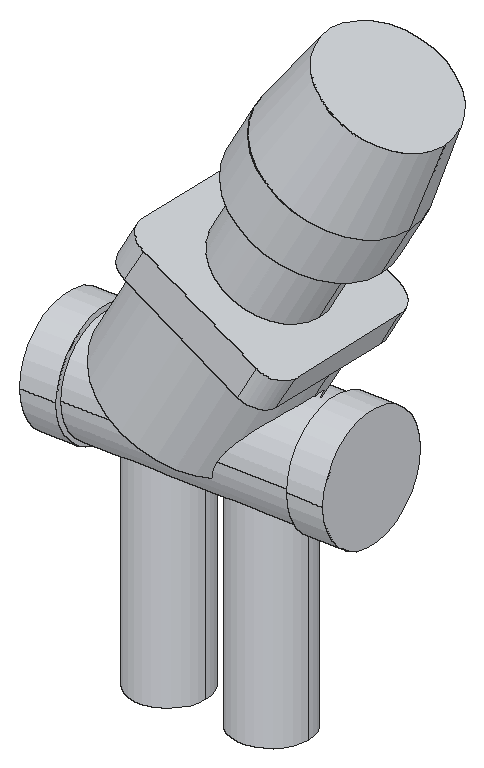
Revit family "OPTIMA_Compact_Plus_MM_DN15_2,5_RFA_2018", category Pipe Accessories, Revit 2018
Family settings
  Round Connector Dimension = Use Diameter
  Part Type = Valve - Breaks Into
  Work Plane-Based = No
  Always vertical = Yes
  Cut with Voids When Loaded = No
  Shared = No
Parameters (values of type "OPTIMA Compact Plus DN15 M-M 2.5mm")
  magiProductId = "744f5c1a8b784a0caf7e95e8856504"
  magiProductFamilyId = "3f7bf62c6d3e4202b9bf465282540d"
  magiPartTypeId = 304
  isMeasuringValve [instance] = no
  ang2D [instance] = 0.00°
  Z = 0 mm
  X = 7 mm
  W2D = 32 mm
  VersionID = "2.0/2018.8.28.1/FRESE_OPTIMA-COMPACT-MM_001"
  Use Minimum Symbol Size [instance] = yes
  URL = "www.hydronic.cz"
  Type Comments = "vnější závit; PN25; 0~120°C, s měřením"
  R9 = 8 mm
  R8 = 14 mm
  R7 = 17 mm
  R6 = 12 mm
  R5 = 5 mm
  R4 = 19 mm
  R3 = 19 mm
  R2 = 12 mm
  R1 = 13 mm
  QmdConnectorList = "301;D;302;D"
  Productdata [instance] = ""
  PLG0 = yes
  Manufacturer = "Hydronic Systems Prague s.r.o."
  MC Product Code = "53-1324  (3/4\" M-M; 2.5mm; Qmin-dpmin 100l/h-14.9kPa; Qmax-dpmin 575l/h-18.5kPa; dpmax 800kPa)"
  MC Piping Given Pressure Drop [instance] = 0.0 Pa
  LL = 32.5 mm
  L3 = 11 mm
  L2D_Min = 3048 mm
  L2D = 104 mm
  L2 = 49.4 mm
  L1__ve = -L1  # -7.8 mm
  L1 = 7.8 mm
  H6__ve = -H6  # -55 mm
  H6 = 55 mm
  H5 = 20 mm
  H4 = 12 mm
  H3 = 18 mm
  H2 = 8 mm
  H1 = 26 mm
  Description = "Tlakově nezávislý 2-cestný regulační vyvažovací ventil (PICV)"
  D = 15 mm
  A = 30.00°
Types (8, lengths in mm): name | magiProductId | Z | X | R4 | R3 | R2 | R1 | MC Product Code | LL | L3 | L2 | L1__ve | L1 | H6__ve | H6 | H5 | H3 | H2 | H1 | D
  OPTIMA Compact Plus DN32 M-M 5.5mm | "ffa5e363716249e69711c5a01860df" | 1 | 13 | 29 | 31.5 | 22 | 24 | "53-1333  (6/4\" M-M; 5.5mm; Qmin-dpmin 550l/h-17.9kPa; Qmax-dpmin 4001l/h-28.0kPa; dpmax 800kPa)" | 52 | 12.5 | 79.04 | -12.48 | 12.48 | -66 | 66 | 20 | 16 | 10 | 46 | 32
  OPTIMA Compact Plus DN15 M-M 2.5mm | "744f5c1a8b784a0caf7e95e8856504" | 0 | 7 | 19 | 19 | 12 | 13 | "53-1324  (3/4\" M-M; 2.5mm; Qmin-dpmin 100l/h-14.9kPa; Qmax-dpmin 575l/h-18.5kPa; dpmax 800kPa)" | 32.5 | 11 | 49.4 | -7.8 | 7.8 | -55 | 55 | 20 | 18 | 8 | 26 | 15
  OPTIMA Compact Plus DN15 M-M 5.0mm | "cc68fe6008154c3392e26a3dfeb2d1" | 0 | 7 | 19 | 19 | 12 | 13 | "53-1325  (3/4\" M-M; 5.0mm; Qmin-dpmin 220l/h-16.0kPa; Qmax-dpmin 1330l/h-21.6kPa; dpmax 800kPa)" | 32.5 | 11 | 49.4 | -7.8 | 7.8 | -55 | 55 | 20 | 18 | 8 | 26 | 15
  OPTIMA Compact Plus DN20 M-M 5.0mm | "af4b706c92c34122b2cf0a056ee45d" | 0 | 10 | 19 | 19 | 13.5 | 16.5 | "53-1328  (1\" M-M; 5.0mm; Qmin-dpmin 220l/h-16.0kPa; Qmax-dpmin 1330l/h-21.6kPa; dpmax 800kPa)" | 35 | 11 | 53.2 | -8.4 | 8.4 | -58.5 | 58.5 | 20 | 18 | 8 | 26 | 20
  OPTIMA Compact Plus DN20 M-M 5.5mm | "3e0f5dc7d8ae4d97894bd6f679fd3a" | 0 | 10 | 19 | 19 | 13.5 | 16.5 | "53-1331  (1\" M-M; 5.5mm; Qmin-dpmin 300l/h-17.8kPa; Qmax-dpmin 1800l/h-40.0kPa; dpmax 800kPa)" | 35 | 11 | 53.2 | -8.4 | 8.4 | -58.5 | 58.5 | 20 | 18 | 8 | 26 | 20
  OPTIMA Compact Plus DN25 M-M 5.5mm | "30c02b6104a34c7a9c49bd2b7417bc" | 0 | 13 | 29 | 31.5 | 18.5 | 21 | "53-1332  (5/4\" M-M; 5.5mm; Qmin-dpmin 600l/h-17.3kPa; Qmax-dpmin 3609l/h-23.0kPa; dpmax 800kPa)" | 52 | 12.5 | 79.04 | -12.48 | 12.48 | -63 | 63 | 20 | 16 | 10 | 43 | 25
  OPTIMA Compact Plus DN10 M-M 2.5mm | "273b30465bdd4e038d4ed21de5046f" | 0 | 7 | 19 | 19 | 9 | 10.5 | "53-1320  (1/2\" M-M; 2.5mm; Qmin-dpmin 30l/h-14.3kPa; Qmax-dpmin 200l/h-15.8kPa; dpmax 800kPa)" | 32.5 | 11 | 49.4 | -7.8 | 7.8 | -52.5 | 52.5 | 17 | 18 | 8 | 30 | 10
  OPTIMA Compact Plus DN10 M-M 5.0mm | "05e83065d4b14c0ea9b5a56fcd5d4f" | 0 | 7 | 19 | 19 | 9 | 10.5 | "53-1329  (1/2\" M-M; 5.0mm; Qmin-dpmin 65l/h-14.6kPa; Qmax-dpmin 370l/h-17.2kPa; dpmax 800kPa)" | 32.5 | 11 | 49.4 | -7.8 | 7.8 | -52.5 | 52.5 | 17 | 18 | 8 | 30 | 10
Reference planes
  plane 1 "Center (Front/Back)": y = 0
  plane 2 "XYPLANE": z = 0
  plane 3 "Center (Left/Right)": x = 0
  plane 4 "267": x = 11
  plane 5 "266": x = -11
  plane 6 "252": through (-607.519, 0, 447.746) normal (0.5, 0, 0.866)
  plane 7 "250": through (-617.519, 0, 430.426) normal (0.5, 0, 0.866)
  plane 8 "248": through (-623.519, 0, 420.033) normal (0.5, 0, 0.866)
  plane 9 "245": through (-632.519, 0, 404.445) normal (0.5, 0, 0.866)
  plane 10 "241": through (352.483, 0, 662.519) normal (0.866, 0, -0.5)
  plane 11 "240": through (385.392, 0, 643.519) normal (0.866, 0, -0.5)
  plane 12 "239": y = -19
  plane 13 "238": y = 19
  plane 14 "237": through (-636.519, 0, 397.517) normal (0.5, 0, 0.866)
  plane 15 "235": through (-649.519, 0, 375) normal (0.5, 0, 0.866)
  plane 16 "231": y = 0
  plane 17 "230": through (368.938, 0, 653.019) normal (0.866, 0, -0.5)
  plane 18 "211": x = -24.7
  plane 19 "204": x = 32.5
  plane 20 "203": x = -32.5
  plane 21 "202": x = 0
  plane 22 "201": z = 0
  plane 23 "200": y = 0
  plane 24 "227XY": through (-649.519, 0, 375) normal (0.5, 0, 0.866)
  plane 25 "227XZ": y = 0
  plane 26 "227YZ": through (375, 0, 649.519) normal (0.866, 0, -0.5)
Forms (mm)
  Extrusion 1, solid, visible <- "PLG0"
    sketch origin (-750, 0, 0) x (1, 0, 0) y (0, 1, 0)
      loop
        circle (761, 0) r 8
    from 0 to -55 <- "H6__ve"
  Extrusion 2, solid, visible <- "PLG0"
    sketch origin (-750, 0, 0) x (1, 0, 0) y (0, 1, 0)
      loop
        circle (739, 0) r 8
    from 0 to -55 <- "H6__ve"
  Blend 3, solid
    base sketch origin (-617.519, 0, 430.426) x (0.866025, 0, -0.5) y (0, 1, 0)
      loop
        circle (743, 0) r 17
    top sketch origin (-617.519, 0, 430.426) x (0.866025, 0, -0.5) y (0, 1, 0)
      loop
        circle (743, 0) r 14
    from 0 to 20
  Extrusion 4, solid
    sketch origin (-623.519, 0, 420.033) x (0.866025, 0, -0.5) y (0, 1, 0)
      loop
        circle (743, 0) r 17
    from 0 to 12 <- "H4"
  Extrusion 5, solid
    sketch origin (-632.519, 0, 404.445) x (0.866025, 0, -0.5) y (0, 1, 0)
      loop
        circle (743, 0) r 12
    from 0 to 18 <- "H3"
  Extrusion 6, solid
    sketch origin (-636.519, 0, 397.517) x (0.866025, 0, -0.5) y (0, 1, 0)
      loop
        arc (729, 19) -> (725.464, 17.536) -> (724, 14) r 5
        line (724, 14) -> (724, -14)
        arc (724, -14) -> (725.464, -17.536) -> (729, -19) r 5
        line (729, -19) -> (757, -19)
        arc (757, -19) -> (760.536, -17.536) -> (762, -14) r 5
        line (762, -14) -> (762, 14)
        arc (762, 14) -> (760.536, 17.536) -> (757, 19) r 5
        line (757, 19) -> (729, 19)
    from 0 to 8 <- "H2"
  Extrusion 7, solid
    sketch origin (-649.519, 0, 375) x (0.866025, 0, -0.5) y (0, 1, 0)
      loop
        circle (743, 0) r 19
    from 0 to 26 <- "H1"
  Extrusion 8, solid
    sketch origin (-24.7, -750, 0) x (0, 1, 0) y (0, 0, 1)
      loop
        circle (750, 0) r 12
    from 0 to 49.4 <- "L2"
  Extrusion 9, solid
    sketch origin (32.5, -750, 0) x (0, 1, 0) y (0, 0, 1)
      loop
        circle (750, 0) r 13
    from 0 to -7.8 <- "L1__ve"
  Extrusion 10, solid
    sketch origin (-32.5, -750, 0) x (0, 1, 0) y (0, 0, 1)
      loop
        circle (750, 0) r 13
    from 0 to 7.8 <- "L1"
  Extrusion 11, solid, not visible
    sketch origin (32.5, -750, 0) x (0, 1, 0) y (0, 0, 1)
      loop
        circle (750, 0) r 10
    from 0 to -10
  Extrusion 12, solid, not visible
    sketch origin (-32.5, -750, 0) x (0, 1, 0) y (0, 0, 1)
      loop
        circle (750, 0) r 10
    from 0 to 10
Lines and regions (mm)
  reference lines, not visible
    curve 1: circle (2, 2, 0) r 1 normal (0, 0, 1)
Text (mm)
  text "© Progman Oy, all rights reserved" at (-472.209, -2482.653, 0), in view "Ref. Level"
Dimensions and locks
  plane 1 "Center (Front/Back)" to curve 1 = 2 mm
  "L3": plane 3 "Center (Left/Right)" to plane 4 "267"
  "L3": plane 3 "Center (Left/Right)" to plane 5 "266"
  "H5": plane 7 "250" to plane 6 "252"
  "H4": plane 8 "248" to plane 7 "250"
  "H3": plane 9 "245" to plane 8 "248"
  "H2": plane 14 "237" to plane 9 "245"
  "R4": plane 17 "230" to plane 10 "241"
  "R4": plane 17 "230" to plane 11 "240"
  "R4": plane 23 "200" to plane 12 "239"
  "R4": plane 23 "200" to plane 13 "238"
  "H1": plane 15 "235" to plane 14 "237"
  "Z": plane 24 "227XY" to plane 15 "235"
  locked: plane 23 "200" to plane 16 "231"
  "X": plane 26 "227YZ" to plane 17 "230"
  "L1": plane 20 "203" to plane 18 "211"
  "LL": plane 3 "Center (Left/Right)" to plane 19 "204"
  "LL": plane 3 "Center (Left/Right)" to plane 20 "203"
  locked: plane 3 "Center (Left/Right)" to plane 21 "202"
  locked: plane 2 "XYPLANE" to plane 22 "201"
  locked: plane 1 "Center (Front/Back)" to plane 23 "200"
  Extrusion 6 sketch curve to Extrusion 6 sketch curve = 0 mm  (x16)
  "R9": radius of Extrusion 1 sketch curve
  "R9": radius of Extrusion 2 sketch curve
  "R8": radius of Blend 3 sketch curve
  "R7": radius of Blend 3 sketch curve
  "R7": radius of Extrusion 4 sketch curve
  "R6": radius of Extrusion 5 sketch curve
  "R5": radius of Extrusion 6 sketch curve  (x4)
  "R3": radius of Extrusion 7 sketch curve
  "R2": radius of Extrusion 8 sketch curve
  "R1": radius of Extrusion 9 sketch curve
  "R1": radius of Extrusion 10 sketch curve
  aligned and locked: level to plane 2 "XYPLANE"
  aligned and locked: plane 4 "267" to Extrusion 1 sketch curve
  aligned and locked: plane 23 "200" to Extrusion 1 sketch curve
  aligned and locked: plane 5 "266" to Extrusion 2 sketch curve
  aligned and locked: plane 23 "200" to Extrusion 2 sketch curve
  aligned and locked: plane 16 "231" to Blend 3 sketch curve  (x2)
  aligned and locked: Blend 3 sketch curve to plane 17 "230"  (x2)
  aligned and locked: plane 6 "252" to Blend 3
  aligned and locked: plane 16 "231" to Extrusion 4 sketch curve
  aligned and locked: Extrusion 4 sketch curve to plane 17 "230"
  aligned and locked: plane 16 "231" to Extrusion 5 sketch curve
  aligned and locked: Extrusion 5 sketch curve to plane 17 "230"
  aligned and locked: Extrusion 6 sketch curve to plane 10 "241"
  aligned and locked: Extrusion 6 sketch curve to plane 12 "239"
  aligned and locked: Extrusion 6 sketch curve to plane 11 "240"
  aligned and locked: plane 13 "238" to Extrusion 6 sketch curve
  aligned and locked: plane 16 "231" to Extrusion 7 sketch curve
  aligned and locked: Extrusion 7 sketch curve to plane 17 "230"
  aligned and locked: plane 22 "201" to Extrusion 8 sketch curve
  aligned and locked: Extrusion 8 sketch curve to plane 23 "200"
  aligned and locked: plane 22 "201" to Extrusion 9 sketch curve
  aligned and locked: Extrusion 9 sketch curve to plane 23 "200"
  aligned and locked: plane 22 "201" to Extrusion 10 sketch curve
  aligned and locked: Extrusion 10 sketch curve to plane 23 "200"
  aligned and locked: plane 22 "201" to Extrusion 11 sketch curve
  aligned and locked: Extrusion 11 sketch curve to plane 23 "200"
  aligned and locked: plane 22 "201" to Extrusion 12 sketch curve
  aligned and locked: Extrusion 12 sketch curve to plane 23 "200"
Automatic sketch dimensions
  plane 1 "Center (Front/Back)" to Extrusion 11 sketch curve = 10 mm
  plane 1 "Center (Front/Back)" to Extrusion 12 sketch curve = 10 mm
  plane 3 "Center (Left/Right)" to curve 1 = 2 mm
  radius of curve 1 = 1 mm
Connectors
  piping at (-32.5, 0, 0), diameter 15, driven by "D"
    settings: on Extrusion 12, index 1, connector inside diameter 609.6 mm, connector length 0 mm, flow factor 0, pipe flow 0.0 L/s, pressure drop 0.0 Pa, fitting loss kfactor 0, connector angle 0.00°, fixture units 0, engagement length 0 mm, angle of deflection 0.00°, flow configuration 0, flow direction 0, fitting loss method 0, system type 29, joint type 0, gender type 0, connector reference index 2, connector utility 0, adjustable connector no, is connector primary yes, connector description ""
  piping at (32.5, 0, 0), diameter 15, driven by "D"
    settings: on Extrusion 11, index 2, connector inside diameter 609.6 mm, connector length 0 mm, flow factor 0, pipe flow 0.0 L/s, pressure drop 0.0 Pa, fitting loss kfactor 0, connector angle 0.00°, fixture units 0, engagement length 0 mm, angle of deflection 0.00°, flow configuration 0, flow direction 0, fitting loss method 0, system type 29, joint type 0, gender type 0, connector reference index 1, connector utility 0, adjustable connector no, is connector primary no, connector description ""
